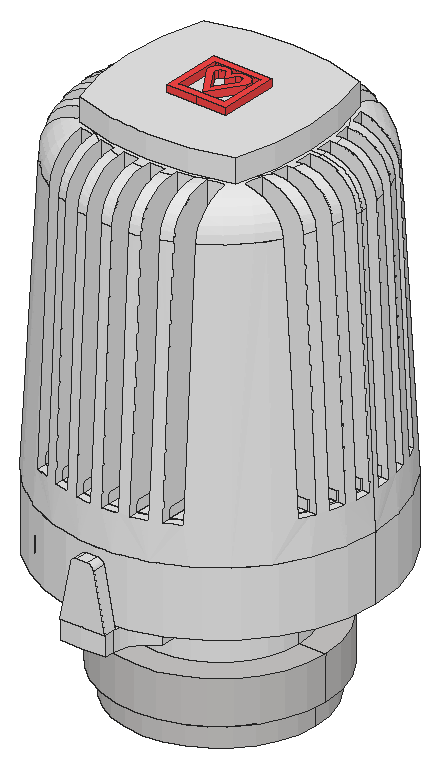
Revit family "Термостатическая головка HERZ, с присоединительной резьбой М 28х1.5, 7230", category Rohrzubehör, Revit 2018
Family settings
  Bemaßung runder Anschluss = Durchmesser verwenden
  Teiletyp = Normal
  OmniClass-Nummer = 23.65.55.14
  OmniClass-Titel = Valves for Liquid Services
  Arbeitsebenenbasiert = Nein
  Immer vertikal = Nein
  Beim Laden mit Abzugskörper schneiden = Nein
  Gemeinsam genutzt = Nein
Parameters
  Принцип действия = "HERZ-термостатическая головка является датчиком прямого регулирования.\r\nИзменение объема жидкости в HERZ-гидросенсоре приводит в движение шток клапана."
  Область применения = "Для монтажа на всех HERZ-клапанах, предназначенных для термостатической работы."
  Номер заказа = 1723006  # constant formula
  Маховик = "Пластик, белый"  # constant formula
  Исполнение = "Термостатическая головка с жидкостным датчиком (гидросенсором) с позициями теплового запираниия \"0\" и морозозащиты, с ограничением и блокировкой диапазона регулирования. Цвет маховика - белый."
  Диапазон регулирования = "0 - 28°C"  # constant formula
  Автоматическая защита от замерзания = "при прибл. 6 °C"  # constant formula
  W02 = 120.00°  # constant formula
  W01 = 135.00°  # constant formula
  URL = "www.herz-armaturen.ru"
  S02 = 60.000 mm  # constant formula
  S01 = H02 + H07  # 76.000 mm
  R07 = 6.000 mm  # constant formula
  R06 = 24.000 mm  # constant formula
  R05 = 16.350 mm  # constant formula
  R04 = 14.750 mm  # constant formula
  R03 = 13.200 mm  # constant formula
  R02 = 12.200 mm  # constant formula
  R01 = 22.400 mm  # constant formula
  Hersteller = "HERZ Armaturen Ges.m.b.H."  # constant formula
  H09 = 3.500 mm  # constant formula
  H08 = 10.000 mm  # constant formula
  H07 = 59.000 mm  # constant formula
  H06 = 3.000 mm  # constant formula
  H05 = 10.500 mm  # constant formula
  H03 = 5.500 mm  # constant formula
  H02 = 17.000 mm  # constant formula
  H01 = 34.000 mm  # constant formula
Reference planes
  plane 1 "Mitte (Vorne/hinten)": y = 0
  plane 2: z = 0
  plane 3 "Mitte (Links/rechts)": x = 0
Forms (mm)
  Revolve 1, solid, material "Kunststoff weiß", detail levels fine
    sketch origin (0, 0, 0) x (1, 0, 0) y (0, 0, 1)
      loop
        line (0, 0) -> (13.2, 0) -> (13.2, 4.5) -> (12.2, 5.5) -> (12.2, 17) -> (22.4, 17) -> (22.4, 34) -> (0, 34) -> (0, 0)
      axis (0, 34) -> (0, 0)
    angle from 0 to 360
  Revolve 2, solid, material "Messing verzinkt", detail levels fine
    sketch origin (0, 0, 0) x (1, 0, 0) y (0, 0, 1)
      loop
        line (0, 5.5) -> (13.2, 5.5) -> (13.2, -3.063) -> (14.75, -3.063) -> (14.75, -0.063) -> (16.35, 0.861) -> (16.35, 7.437) -> (0, 7.437) -> (0, 5.5)
      axis (0, 7.437) -> (0, -3.063)
    angle from 0 to 360
  Revolve 3, solid, material "Kunststoff weiß", detail levels fine
    sketch origin (0, 0, 0) x (1, 0, 0) y (0, 0, 1)
      loop
        line (0, 17) -> (24, 17) -> (24, 27) -> (21.791, 70.306)
        arc (21.791, 70.306) -> (19.931, 74.349) -> (15.798, 76) r 6
        line (15.798, 76) -> (0, 76) -> (0, 17)
      axis (0, 76) -> (0, 17)
    angle from 0 to 360
  Extrusion 4, void
    sketch origin (0, 0, 0) x (1, 0, 0) y (0, 1, 0)
      loop
        line (24.458, 0.8) -> (24.458, 3.2) -> (14.361, 3.2)
        arc (14.361, 3.2) -> (14.446, 2.001) -> (14.491, 0.8) r 37
        line (14.491, 0.8) -> (24.458, 0.8)
      loop
        line (24.458, 4.8) -> (24.458, 7.2) -> (13.793, 7.2)
        arc (13.793, 7.2) -> (14.01, 6.003) -> (14.187, 4.8) r 37
        line (14.187, 4.8) -> (24.458, 4.8)
      loop
        line (24.458, 8.8) -> (24.458, 11.2) -> (12.764, 11.2)
        arc (12.764, 11.2) -> (13.121, 10.006) -> (13.438, 8.8) r 37
        line (13.438, 8.8) -> (24.458, 8.8)
      loop
        line (24.458, -0.8) -> (14.491, -0.8)
        arc (14.491, -0.8) -> (14.446, -2.001) -> (14.361, -3.2) r 37
        line (14.361, -3.2) -> (24.458, -3.2) -> (24.458, -0.8)
      loop
        line (24.458, -4.8) -> (14.187, -4.8)
        arc (14.187, -4.8) -> (14.01, -6.003) -> (13.793, -7.2) r 37
        line (13.793, -7.2) -> (24.458, -7.2) -> (24.458, -4.8)
      loop
        line (24.458, -8.8) -> (13.438, -8.8)
        arc (13.438, -8.8) -> (13.121, -10.006) -> (12.764, -11.2) r 37
        line (12.764, -11.2) -> (24.458, -11.2) -> (24.458, -8.8)
      loop
        line (-24.458, 0.8) -> (-14.491, 0.8)
        arc (-14.491, 0.8) -> (-14.446, 2.001) -> (-14.361, 3.2) r 37
        line (-14.361, 3.2) -> (-24.458, 3.2) -> (-24.458, 0.8)
      loop
        line (-24.458, 4.8) -> (-14.187, 4.8)
        arc (-14.187, 4.8) -> (-14.01, 6.003) -> (-13.793, 7.2) r 37
        line (-13.793, 7.2) -> (-24.458, 7.2) -> (-24.458, 4.8)
      loop
        line (-24.458, 8.8) -> (-13.438, 8.8)
        arc (-13.438, 8.8) -> (-13.121, 10.006) -> (-12.764, 11.2) r 37
        line (-12.764, 11.2) -> (-24.458, 11.2) -> (-24.458, 8.8)
      loop
        line (-24.458, -0.8) -> (-24.458, -3.2) -> (-14.361, -3.2)
        arc (-14.361, -3.2) -> (-14.446, -2.001) -> (-14.491, -0.8) r 37
        line (-14.491, -0.8) -> (-24.458, -0.8)
      loop
        line (-24.458, -4.8) -> (-24.458, -7.2) -> (-13.793, -7.2)
        arc (-13.793, -7.2) -> (-14.01, -6.003) -> (-14.187, -4.8) r 37
        line (-14.187, -4.8) -> (-24.458, -4.8)
      loop
        line (-24.458, -8.8) -> (-24.458, -11.2) -> (-12.764, -11.2)
        arc (-12.764, -11.2) -> (-13.121, -10.006) -> (-13.438, -8.8) r 37
        line (-13.438, -8.8) -> (-24.458, -8.8)
      loop
        line (0.8, 24.458) -> (0.8, 14.491)
        arc (0.8, 14.491) -> (2.001, 14.446) -> (3.2, 14.361) r 37
        line (3.2, 14.361) -> (3.2, 24.458) -> (0.8, 24.458)
      loop
        line (4.8, 24.458) -> (4.8, 14.187)
        arc (4.8, 14.187) -> (6.003, 14.01) -> (7.2, 13.793) r 37
        line (7.2, 13.793) -> (7.2, 24.458) -> (4.8, 24.458)
      loop
        line (8.8, 24.458) -> (8.8, 13.438)
        arc (8.8, 13.438) -> (10.006, 13.121) -> (11.2, 12.764) r 37
        line (11.2, 12.764) -> (11.2, 24.458) -> (8.8, 24.458)
      loop
        line (-0.8, 24.458) -> (-3.2, 24.458) -> (-3.2, 14.361)
        arc (-3.2, 14.361) -> (-2.001, 14.446) -> (-0.8, 14.491) r 37
        line (-0.8, 14.491) -> (-0.8, 24.458)
      loop
        line (-4.8, 24.458) -> (-7.2, 24.458) -> (-7.2, 13.793)
        arc (-7.2, 13.793) -> (-6.003, 14.01) -> (-4.8, 14.187) r 37
        line (-4.8, 14.187) -> (-4.8, 24.458)
      loop
        line (-8.8, 24.458) -> (-11.2, 24.458) -> (-11.2, 12.764)
        arc (-11.2, 12.764) -> (-10.006, 13.121) -> (-8.8, 13.438) r 37
        line (-8.8, 13.438) -> (-8.8, 24.458)
      loop
        line (0.8, -24.458) -> (3.2, -24.458) -> (3.2, -14.361)
        arc (3.2, -14.361) -> (2.001, -14.446) -> (0.8, -14.491) r 37
        line (0.8, -14.491) -> (0.8, -24.458)
      loop
        line (4.8, -24.458) -> (7.2, -24.458) -> (7.2, -13.793)
        arc (7.2, -13.793) -> (6.003, -14.01) -> (4.8, -14.187) r 37
        line (4.8, -14.187) -> (4.8, -24.458)
      loop
        line (8.8, -24.458) -> (11.2, -24.458) -> (11.2, -12.764)
        arc (11.2, -12.764) -> (10.006, -13.121) -> (8.8, -13.438) r 37
        line (8.8, -13.438) -> (8.8, -24.458)
      loop
        line (-0.8, -24.458) -> (-0.8, -14.491)
        arc (-0.8, -14.491) -> (-2.001, -14.446) -> (-3.2, -14.361) r 37
        line (-3.2, -14.361) -> (-3.2, -24.458) -> (-0.8, -24.458)
      loop
        line (-4.8, -24.458) -> (-4.8, -14.187)
        arc (-4.8, -14.187) -> (-6.003, -14.01) -> (-7.2, -13.793) r 37
        line (-7.2, -13.793) -> (-7.2, -24.458) -> (-4.8, -24.458)
      loop
        line (-8.8, -24.458) -> (-8.8, -13.438)
        arc (-8.8, -13.438) -> (-10.006, -13.121) -> (-11.2, -12.764) r 37
        line (-11.2, -12.764) -> (-11.2, -24.458) -> (-8.8, -24.458)
    from 32.5 to 78
  Extrusion 5, solid, material "Kunststoff weiß", detail levels fine
    sketch origin (0, 0, 0) x (1, 0, 0) y (0, 1, 0)
      loop
        arc (12, 12) -> (0, 14) -> (-12, 12) r 37
        arc (-12, 12) -> (-14, 0) -> (-12, -12) r 37
        arc (-12, -12) -> (0, -14) -> (12, -12) r 37
        arc (12, -12) -> (14, 0) -> (12, 12) r 37
    from 76 to 79.5
  Extrusion 6, solid, material "Kunststoff weiß", detail levels fine
    sketch origin (0.017, -0.017, 0) x (0, -1, 0) y (1, 0, 0)
      loop
        line (14.714, 6.983) -> (14.714, -7.017) -> (19.645, -7.017)
        arc (19.645, -7.017) -> (21.761, -4.508) -> (24.882, -3.488) r 6
        line (24.882, -3.488) -> (26.272, -3.488)
        arc (26.272, -3.488) -> (26.5, 0) -> (26.267, 3.488) r 26.5
        line (26.267, 3.488) -> (24.882, 3.488)
        arc (24.882, 3.488) -> (21.777, 4.497) -> (19.66, 6.983) r 6
        line (19.66, 6.983) -> (14.714, 6.983)
    from 14 to 17
  Extrusion 7, solid, material "Kunststoff weiß", detail levels fine
    sketch origin (0.017, -0.017, 0) x (1, 0, 0) y (0, 0, 1)
      loop
        arc (-0.8, 26.1) -> (-1.432, 25.875) -> (-1.779, 25.302) r 1
        line (-1.779, 25.302) -> (-3.488, 17) -> (3.488, 17) -> (1.779, 25.302)
        arc (1.779, 25.302) -> (1.432, 25.875) -> (0.8, 26.1) r 1
        line (0.8, 26.1) -> (-0.8, 26.1)
    from 26.5 to 24.5
Cuts and joins
  Extrusion 4 cuts Revolve 1
  Extrusion 4 cuts Revolve 3
Lines and regions (mm)
  model lines, detail levels coarse+medium
    curve 1: line (0, 0, 0) -> (0, 0, 16)
    curve 2: line (0, 0, 0) -> (0, 16, 0)
    curve 3: circle (0, 0, 46) r 30 normal (0, -1, 0)
    curve 4: circle (0, 0, 46) r 30 normal (1, 0, 0)
    curve 5: line (0, 0, 26) -> (0, 0, 66)
    curve 6: line (0, 17.5, 66) -> (0, -17.5, 66)
    curve 7: line (0, 0, 26) -> (0, 0, 66)
    curve 8: line (-17.5, 0, 66) -> (17.5, 0, 66)
    curve 9: circle (0, 46, 0) r 30 normal (0, 0, 1)
    curve 10: line (0, 26, 0) -> (0, 66, 0)
    curve 11: line (-17.5, 66, 0) -> (17.5, 66, 0)
Dimensions and locks
  "H01": Revolve 1 sketch curve to Revolve 1 sketch curve
  "H02": Revolve 1 sketch curve to Revolve 1 sketch curve
  "H03": Revolve 1 sketch curve to Revolve 1 sketch curve
  "R01": Revolve 1 sketch curve to Revolve 1 sketch curve
  "R02": Revolve 1 sketch curve to Revolve 1 sketch curve
  "R03": Revolve 1 sketch curve to Revolve 1 sketch curve
  "H05": Revolve 2 sketch curve to Revolve 2 sketch curve
  "H06": Revolve 2 sketch curve to Revolve 2 sketch curve
  "H03": Revolve 2 sketch curve to plane 2
  "R04": Revolve 2 sketch curve to plane 3 "Mitte (Links/rechts)"
  "R03": plane 3 "Mitte (Links/rechts)" to Revolve 2 sketch curve
  "R05": Revolve 2 sketch curve to plane 3 "Mitte (Links/rechts)"
  "H08": Revolve 3 sketch curve to Revolve 3 sketch curve
  "R06": Revolve 3 sketch curve to Revolve 3 sketch curve
  "H02": Revolve 3 sketch curve to plane 2
  "H07": Revolve 3 sketch curve to Revolve 3 sketch curve
  "S01": curve 4 to plane 2
  "S01": curve 3 to plane 2
  "S01": plane 1 "Mitte (Vorne/hinten)" to curve 9
  "R07": radius of Revolve 3 sketch curve
  "S02": diameter of curve 3
  "S02": diameter of curve 4
  "S02": diameter of curve 9
  "W01": angle Revolve 1 sketch curve to Revolve 1 sketch curve
  "W02": angle Revolve 2 sketch curve to Revolve 2 sketch curve
  aligned and locked: level to plane 2
Automatic sketch dimensions
  plane 1 "Mitte (Vorne/hinten)" to Extrusion 5 sketch curve = 0.000 mm  (x2)
  Extrusion 5 sketch curve to plane 3 "Mitte (Links/rechts)" = 0.000 mm  (x2)
  Extrusion 5 sketch curve to plane 3 "Mitte (Links/rechts)" = 23.000 mm
  plane 3 "Mitte (Links/rechts)" to Extrusion 5 sketch curve = 23.000 mm
  plane 1 "Mitte (Vorne/hinten)" to Extrusion 5 sketch curve = 23.000 mm
  Extrusion 5 sketch curve to plane 1 "Mitte (Vorne/hinten)" = 23.000 mm
  Extrusion 5 sketch curve to plane 3 "Mitte (Links/rechts)" = 12.000 mm  (x2)
  plane 3 "Mitte (Links/rechts)" to Extrusion 5 sketch curve = 12.000 mm
  plane 1 "Mitte (Vorne/hinten)" to Extrusion 5 sketch curve = 12.000 mm
  Extrusion 4 sketch curve to Extrusion 4 sketch curve = 0.000 mm  (x58)
  plane 1 "Mitte (Vorne/hinten)" to Extrusion 4 sketch curve = 0.000 mm  (x2)
  Extrusion 4 sketch curve to plane 3 "Mitte (Links/rechts)" = 0.000 mm  (x2)
  Extrusion 4 sketch curve to plane 3 "Mitte (Links/rechts)" = 0.800 mm  (x2)
  Extrusion 4 sketch curve to Extrusion 4 sketch curve = 2.400 mm  (x12)
  Extrusion 4 sketch curve to Extrusion 4 sketch curve = 1.600 mm  (x16)
  Extrusion 4 sketch curve to Extrusion 4 sketch curve = 1.564 mm  (x8)
  Extrusion 4 sketch curve to Extrusion 4 sketch curve = 0.674 mm  (x5)
  Extrusion 4 sketch curve to Extrusion 4 sketch curve = 0.354 mm  (x8)
  Extrusion 4 sketch curve to Extrusion 4 sketch curve = 0.395 mm  (x4)
  Extrusion 4 sketch curve to Extrusion 4 sketch curve = 0.174 mm  (x8)
  plane 1 "Mitte (Vorne/hinten)" to Extrusion 4 sketch curve = 0.800 mm  (x2)
  Extrusion 4 sketch curve to Extrusion 4 sketch curve = 0.130 mm  (x2)
  Extrusion 4 sketch curve to plane 1 "Mitte (Vorne/hinten)" = 0.800 mm  (x2)
  Extrusion 4 sketch curve to Extrusion 4 sketch curve = 8.009 mm  (x3)
  Extrusion 4 sketch curve to Extrusion 4 sketch curve = 1.958 mm  (x7)
  plane 3 "Mitte (Links/rechts)" to Extrusion 4 sketch curve = 0.800 mm  (x2)
  Extrusion 4 sketch curve to Extrusion 4 sketch curve = 11.019 mm
  Extrusion 6 sketch curve to plane 3 "Mitte (Links/rechts)" = 0.000 mm
  plane 1 "Mitte (Vorne/hinten)" to Extrusion 6 sketch curve = 0.017 mm
  Extrusion 6 sketch curve to plane 3 "Mitte (Links/rechts)" = 7.000 mm
  plane 1 "Mitte (Vorne/hinten)" to Extrusion 6 sketch curve = 14.731 mm
  Extrusion 6 sketch curve to Extrusion 6 sketch curve = 4.930 mm
  Extrusion 6 sketch curve to Extrusion 6 sketch curve = 4.946 mm
  Extrusion 6 sketch curve to plane 3 "Mitte (Links/rechts)" = 3.471 mm
  Extrusion 6 sketch curve to Extrusion 6 sketch curve = 5.237 mm
  Extrusion 6 sketch curve to Extrusion 6 sketch curve = 5.222 mm
  Extrusion 6 sketch curve to Extrusion 6 sketch curve = 5.470 mm
  Extrusion 6 sketch curve to Extrusion 6 sketch curve = 0.233 mm
  Extrusion 6 sketch curve to Extrusion 6 sketch curve = 1.390 mm
  plane 3 "Mitte (Links/rechts)" to Extrusion 6 sketch curve = 3.505 mm
  Extrusion 6 sketch curve to Extrusion 6 sketch curve = 3.495 mm
  Extrusion 6 sketch curve to Extrusion 6 sketch curve = 0.000 mm
  Extrusion 7 sketch curve to plane 3 "Mitte (Links/rechts)" = 3.471 mm
  Extrusion 7 sketch curve to plane 3 "Mitte (Links/rechts)" = 1.763 mm
  Extrusion 7 sketch curve to plane 3 "Mitte (Links/rechts)" = 0.783 mm
  plane 3 "Mitte (Links/rechts)" to Extrusion 7 sketch curve = 0.817 mm
  Extrusion 7 sketch curve to Extrusion 7 sketch curve = 0.979 mm
  plane 3 "Mitte (Links/rechts)" to Extrusion 7 sketch curve = 3.505 mm
  level to Extrusion 7 sketch curve = 17.000 mm
  Extrusion 7 sketch curve to Extrusion 7 sketch curve = 8.100 mm
  Extrusion 7 sketch curve to Extrusion 7 sketch curve = 0.000 mm
  Extrusion 7 sketch curve to Extrusion 7 sketch curve = 0.202 mm
  curve 5 to plane 1 "Mitte (Vorne/hinten)" = 0.000 mm
  curve 4 to plane 1 "Mitte (Vorne/hinten)" = 0.000 mm
  plane 1 "Mitte (Vorne/hinten)" to curve 6 = 17.500 mm
  curve 5 to curve 6 = 17.500 mm
  curve 5 to curve 4 = 20.000 mm
  curve 4 to curve 6 = 20.000 mm
  curve 3 to plane 3 "Mitte (Links/rechts)" = 0.000 mm
  curve 7 to plane 3 "Mitte (Links/rechts)" = 0.000 mm
  curve 1 to plane 3 "Mitte (Links/rechts)" = 0.000 mm
  curve 1 to level = 0.000 mm
  curve 8 to plane 3 "Mitte (Links/rechts)" = 17.500 mm
  curve 7 to curve 8 = 17.500 mm
  curve 1 to curve 7 = 10.000 mm
  curve 3 to curve 8 = 20.000 mm
  curve 9 to plane 3 "Mitte (Links/rechts)" = 0.000 mm
  curve 10 to plane 3 "Mitte (Links/rechts)" = 0.000 mm
  curve 2 to plane 3 "Mitte (Links/rechts)" = 0.000 mm
  plane 1 "Mitte (Vorne/hinten)" to curve 2 = 0.000 mm
  curve 11 to curve 10 = 17.500 mm
  plane 3 "Mitte (Links/rechts)" to curve 11 = 17.500 mm
  curve 2 to curve 10 = 10.000 mm
  curve 9 to curve 11 = 20.000 mm
  Revolve 1 sketch curve to level = 0.000 mm
  Revolve 1 sketch curve to plane 3 "Mitte (Links/rechts)" = 0.000 mm  (x2)
  Revolve 1 sketch curve to level = 366.045 mm
  Revolve 1 sketch curve to Revolve 1 sketch curve = 2180.315 mm
  Revolve 2 sketch curve to plane 3 "Mitte (Links/rechts)" = 0.000 mm  (x2)
  level to Revolve 2 sketch curve = 0.861 mm
  Revolve 2 sketch curve to Revolve 2 sketch curve = 362.982 mm
  Revolve 2 sketch curve to Revolve 2 sketch curve = 2206.878 mm
  Revolve 3 sketch curve to plane 3 "Mitte (Links/rechts)" = 0.000 mm  (x2)
  plane 3 "Mitte (Links/rechts)" to Revolve 3 sketch curve = 15.798 mm
  Revolve 3 sketch curve to Revolve 3 sketch curve = 5.992 mm
  Revolve 3 sketch curve to level = 366.045 mm
  Revolve 3 sketch curve to Revolve 3 sketch curve = 2138.315 mm
Nested families
  nested 1: "Herz-Logo" at (0, 0, 79), type "Herz-Logo", detail levels fine
Definition of nested family "Herz-Logo"
  Reference planes
    plane 1 "Mitte (Vorne/hinten)": y = 0
    plane 2: z = 0
    plane 3 "Mitte (Links/rechts)": x = 0
  Forms (mm)
    Extrusion 1, solid
      sketch origin (0, 0, 0) x (1, 0, 0) y (0, 1, 0)
        loop
          line (-0.018, -4.517) -> (4.482, -4.517) -> (4.482, 4.483) -> (-4.518, 4.483) -> (-4.518, -4.517) -> (-0.018, -4.517)
        loop
          line (-0.05, -3.48) -> (3.482, -3.48) -> (3.482, 3.483) -> (-3.518, 3.483) -> (-3.518, -3.48) -> (-0.05, -3.48)
        loop
          arc (-0.018, 2.383) -> (-1.543, 3.287) -> (-3.067, 2.383) r 1.738
          arc (-3.067, 2.383) -> (-3.191, 1.899) -> (-3.067, 1.415) r 1.009
          line (-3.067, 1.415) -> (-0.018, -3.281) -> (3.032, 1.415)
          arc (3.032, 1.415) -> (3.156, 1.899) -> (3.032, 2.383) r 1.009
          arc (3.032, 2.383) -> (1.507, 3.287) -> (-0.018, 2.383) r 1.738
        loop
          arc (1.885, 1.272) -> (2.005, 1.675) -> (1.885, 2.079) r 0.74
          arc (1.885, 2.079) -> (1.265, 2.416) -> (0.644, 2.079) r 0.74
          line (0.644, 2.079) -> (-0.018, 0.97) -> (-0.679, 2.079)
          arc (-0.679, 2.079) -> (-1.3, 2.416) -> (-1.921, 2.079) r 0.74
          arc (-1.921, 2.079) -> (-2.04, 1.675) -> (-1.921, 1.272) r 0.74
          line (-1.921, 1.272) -> (-0.018, -1.658) -> (1.885, 1.272)
      from 0 to 1.5
  Dimensions and locks
    aligned and locked: level to plane 2
